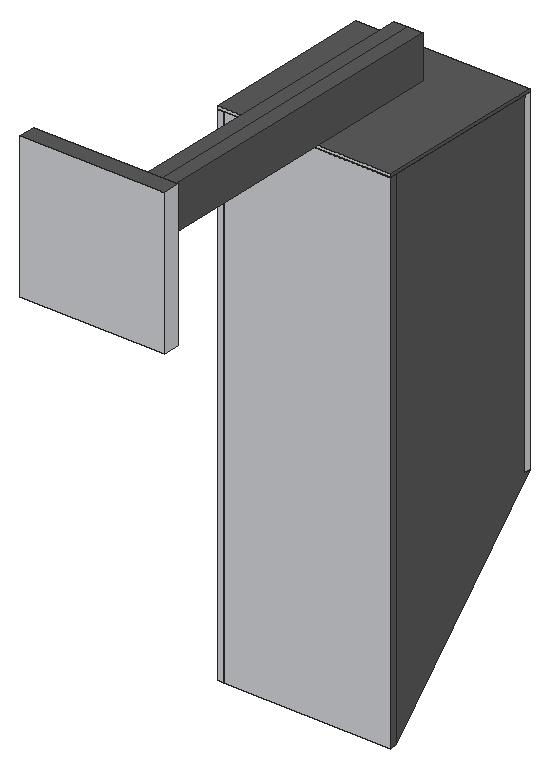
Revit family "SQB618 SHADE AND WM", category Lighting Fixtures, host Wall, Revit 2024
Family settings
  Host = Wall
  Round Connector Dimension = Use Diameter
  Part Type = Normal
  OmniClass Number = 23.80.70.00
  OmniClass Title = Lighting
  Always vertical = Yes
  Cut with Voids When Loaded = No
  Light Source = Yes
  Maintain Annotation Orientation = No
  Shared = No
  Room Calculation Point = No
Parameters
  Wattage = 9.2903 W
  built-in parameter 1150110 = 1 (stored number, unit not read)
  built-in parameter 1114217 = 1 (stored number, unit not read)
  built-in parameter 1150109 = 1 (stored number, unit not read)
  built-in parameter 1150134 = 3
  built-in parameter 1150113 = 1 (stored number, unit not read)
  built-in parameter 1150105 = 439.27 (stored number, unit not read)
  Lumens = 1380 lm
  built-in parameter 1150115 = 1 (stored number, unit not read)
  Light Source Symbol Size = 2' - 0"
  built-in parameter 1150137 = (empty or 0)
  built-in parameter 1150139 = (empty or 0)
  built-in parameter 1150112 = 1 (stored number, unit not read)
  built-in parameter 1150114 = 1 (stored number, unit not read)
  built-in parameter 1150132 = (empty or 0)
  built-in parameter 1150102 = (empty or 0)
  built-in parameter 1150107 = 3200 (stored number, unit not read)
  built-in parameter 1150138 = (empty or 0)
  built-in parameter 1150106 = 4.3927 (stored number, unit not read)
  built-in parameter 1150104 = 13.8 (stored number, unit not read)
  Dimming Lamp Color Temperature Shift = (empty or 0)
  Default Elevation = 0' - 0"
  Color Filter = 16777215
  built-in parameter 1114218 = 1 (stored number, unit not read)
  built-in parameter 1150133 = 10 (stored number, unit not read)
Reference planes (in)
  plane 1: y = 0
  plane 2 "Light Source Axis (F/B)": y = 43
  plane 3 "Light Source Axis (L/R)": x = -1.43133
  plane 4 "Light Source Elevation": z = 60
Forms (in)
  Extrusion 1, solid
    sketch origin (0, 43, 0) x (1, 0, 0) y (0, 0, 1)
      loop
        line (-3.93133, 79.92225) -> (-3.93133, 74.92225) -> (1.06867, 74.92225) -> (1.06867, 79.92225) -> (-3.93133, 79.92225)
    from 39.40759 to 40
  Extrusion 2, solid
    sketch origin (0, 16.65625, 0) x (1, 0, 0) y (0, 0, 1)
      loop
        line (-1.43133, 78.17225) -> (-1.93133, 78.17225) -> (-1.93133, 76.67225) -> (-0.93133, 76.67225) -> (-0.93133, 78.17225) -> (-1.43133, 78.17225)
    from 0 to 13
  Extrusion 3, solid, not visible
    sketch origin (0, 43, 0) x (1, 0, 0) y (0, 0, 1)
      loop
        line (-3.93133, 79.92225) -> (-3.93133, 74.92225) -> (1.06867, 74.92225) -> (1.06867, 79.92225) -> (-3.93133, 79.92225)
    from 39.40759 to 40
  Extrusion 4, solid, not visible
    sketch origin (0, 16.65625, 0) x (1, 0, 0) y (0, 0, 1)
      loop
        line (-1.43133, 78.17225) -> (-1.93133, 78.17225) -> (-1.93133, 76.67225) -> (-0.93133, 76.67225) -> (-0.93133, 78.17225) -> (-1.43133, 78.17225)
    from 0 to 13
  Extrusion 5, solid
    sketch origin (-1.43133, 2.82407, 25.30733) x (0, -1, 0) y (0, 0, 1)
      loop
        line (-15.33218, 51.23992) -> (-15.33218, 33.55567) -> (-9.33218, 33.55567) -> (-9.33218, 51.23992) -> (-15.33218, 51.23992)
    from 2.7876 to 3
  Extrusion 6, solid
    sketch origin (-1.43133, 2.82407, 25.32296) x (0, -1, 0) y (0, 0, 1)
      loop
        line (-15.33218, 51.23992) -> (-9.33218, 51.23992) -> (-9.33218, 51.34929) -> (-15.33218, 51.34929) -> (-15.33218, 51.23992)
    from -3 to 3
  Extrusion 7, solid
    sketch origin (10.90085, 15.15625, 25.30733) x (1, 0, 0) y (0, 0, 1)
      loop
        line (-15.11977, 51.23992) -> (-15.11977, 33.55567) -> (-9.33218, 33.55567) -> (-9.33218, 51.23992) -> (-15.11977, 51.23992)
    from 2.7876 to 3
  Extrusion 8, solid
    sketch origin (0, 43, 0) x (1, 0, 0) y (0, 0, 1)
      loop
        line (1.56867, 76.54725) -> (-4.21892, 76.54725) -> (-4.21892, 58.863) -> (1.56867, 64.863) -> (1.56867, 76.54725)
    from 24.84375 to 25.03505
  Extrusion 9, solid
    sketch origin (-1.43133, 0, -0.20928) x (0, -1, 0) y (0, 0, 1)
      loop
        line (-12.36865, 76.75653) -> (-18.15625, 76.75653) -> (-18.15625, 65.07228) -> (-12.36865, 59.07541) -> (-12.36865, 76.75653)
    from -3 to -2.759
Text (in)
  text "Placement Side" at (0, 40.15149, 123.01588), in view "Right"
  text "Placement Side" at (-70.3804, 28.46503, 0), in view "Ref. Level"
  text "Placement Side" at (0, 85.69064, 140.59947), in view "Left"
Dimensions and locks (in)
  aligned: level to host wall
